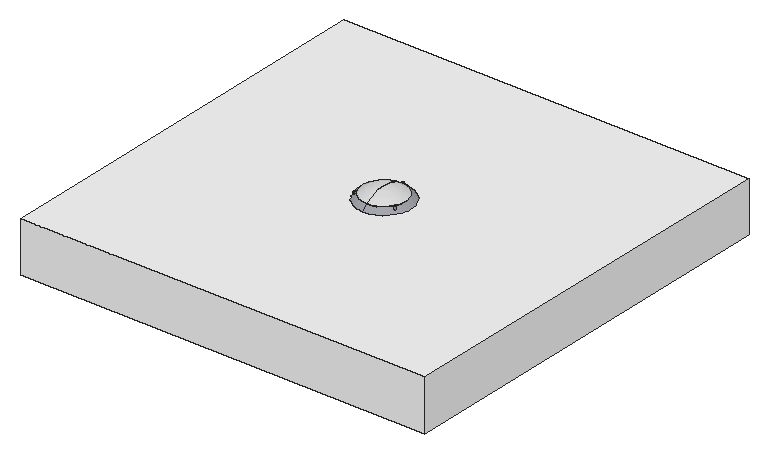
Revit family "Sarlam_Lighting_Bulkhead_Chartres_Essentiel_T1_Vandal_resistant_Diam_322mm_1500Lm", category Luminaires, Revit 2020
Family settings
  Hôte = Face
  Cote de connecteur circulaire = Utiliser le diamètre
  Type d'élément = Normal
  Couper avec des vides une fois chargée = Non
  Source d'éclairage = Oui
  Partagée = Non
  Point de calcul de pièce = Non
Parameters (values of type "ON/OFF GREY METAL")
  Zone plafond formes 1à7 [instance] = and(not(Outer diameter = 328 mm), or([Antivandale Formes 2-4-7]), not([Detection area - Wall]), [Detection area - Ceiling])  # no
  Zone murale formes 1à7 [instance] = and(not(Outer diameter = 328 mm), or([Antivandale Formes 2-4-7]), [Detection area - Wall], not([Detection area - Ceiling]))  # no
  With movement sensor = no
  With light sensor = no
  Width = 322 mm
  Voltage type = "AC"
  Type of dimming = "Not dimmable"
  Type of control gear = "LED operating device current-controlled"
  System power W = 14
  Suitable for wall mounting = yes
  Suitable for suspended mounting = no
  Suitable for surface mounting = yes
  Suitable for ceiling mounting = yes
  Suitable for built-in mounting = no
  Radiation angle = "Open beam"
  Protection Class = "II"
  Outer diameter = 322 mm
  Nominal voltage (Un) V MIN = 207
  Nominal voltage (Un) V MAX = 253
  Nominal current mA MIN = 55
  Nominal current mA MAX = 68
  Material housing = Plastique
  Light sharing = "Symmetric"
  Length = 322 mm
  Lamp type = "LED not exchangeable"
  Lamp power at multiwatt = "14/24W"
  Lamp power W = ""
  Lamp holder = "None"
  Impact strength (IK) = "IK10"
  Height/depth = 70 mm
  General Conditions of Use = "https://export.legrand.com/en/terms-of-use-BIM-objects"
  Effective luminous flux lm = 1500
  Detection area = ""
  URL = "http://www.legrandoc.com/SL532111"
  built-in parameter 1150107 = 3200 (stored number, unit not read)
  Wattage = 9.2903 W
  built-in parameter 1150110 = 1 (stored number, unit not read)
  built-in parameter 1150109 = 1 (stored number, unit not read)
  built-in parameter 1114218 = 1 (stored number, unit not read)
  built-in parameter 1150113 = 1 (stored number, unit not read)
  built-in parameter 1150112 = 1 (stored number, unit not read)
  built-in parameter 1150137 = (empty or 0)
  built-in parameter 1150132 = (empty or 0)
  Modèle = "SL-532111"
  built-in parameter 1150105 = 109.82 (stored number, unit not read)
  built-in parameter 1150102 = (empty or 0)
  Dimming Lamp Color Temperature Shift = (empty or 0)
  Lumens = 1380 lm
  Color Filter = 16777215
  Fichier de distribution photométrique = "SL532106.ies"
  built-in parameter 1114217 = 1 (stored number, unit not read)
  built-in parameter 1150139 = (empty or 0)
  Fabricant = "LEGRAND"
  Emettre à partir du diamètre du cercle = 200 mm
  Emit Shape Visible in Rendering = no
  built-in parameter 1150104 = 13.8 (stored number, unit not read)
  built-in parameter 1150106 = 1.0982 (stored number, unit not read)
  built-in parameter 1150115 = 1 (stored number, unit not read)
  built-in parameter 1150114 = 1 (stored number, unit not read)
  Description = "CHARTRES ESSENTIEL 1500LM 4000K AV ON/OFF SILVER"
  Degree of protection (IP) = "IP55"
  built-in parameter 1150138 = (empty or 0)
  built-in parameter 1150134 = 3
  Colour temperature K MIN = 4000
  Colour temperature K MAX = 4000
  Colour rendering index CRI = "80-89"
  Colour housing = LEGRAND - Grey
  Built-in width = 322 mm
  Built-in length = 0 mm
  Built-in height/depth = 0 mm
  Built-in diameter = 0 mm
  Angle de l'inclinaison = 0.00°
  Detection area - Ceiling [instance] = no
  Detection area - Wall [instance] = no
  Elévation par défaut = 2500 mm
  Antivandale Formes 2-4-7 = yes
  Tag [instance] = no
  built-in parameter 1150133 = 10 (stored number, unit not read)
Types (6, lengths in mm): name | With movement sensor | With light sensor | System power W | Nominal current mA MIN | Nominal current mA MAX | Detection area | URL | Modèle | Description | Colour housing
  ON/OFF WHITE | no | no | 14 | 55 | 68 | "" | "http://www.legrandoc.com/SL532109" | "SL-532109" | "CHARTRES ESSENTIEL 1500LM 4000K AV ON/OFF WHITE" | LEGRAND - White
  ON/OFF ANTHRACITE | no | no | 14 | 55 | 68 | "" | "http://www.legrandoc.com/SL532110" | "SL-532110" | "CHARTRES ESSENTIEL 1500LM 4000K AV ON/OFF BLACK" | LEGRAND - Anthracite
  ON/OFF GREY METAL | no | no | 14 | 55 | 68 | "" | "http://www.legrandoc.com/SL532111" | "SL-532111" | "CHARTRES ESSENTIEL 1500LM 4000K AV ON/OFF SILVER" | LEGRAND - Grey
  With microwave sensor WHITE | yes | yes | 15 | 59 | 73 | "Detection at 2,5m high Ceiling: Ø6m max Wall: Ellipse 16*17m" | "http://www.legrandoc.com/SL532149" | "SL-532149" | "CHARTRES ESSENTIEL 1500LM 4000K  AV DETECTION HF WHITE" | LEGRAND - White
  With microwave sensor ANTHRACITE | yes | yes | 15 | 59 | 73 | "Detection at 2,5m high Ceiling: Ø6m max Wall: Ellipse 16*17m" | "http://www.legrandoc.com/SL532150" | "SL-532150" | "CHARTRES ESSENTIEL 1500LM 4000K  AV DETECTION HF BLACK" | LEGRAND - Anthracite
  With microwave sensor GREY METAL | yes | yes | 15 | 59 | 73 | "Detection at 2,5m high Ceiling: Ø6m max Wall: Ellipse 16*17m" | "http://www.legrandoc.com/SL532151" | "SL-532151" | "CHARTRES ESSENTIEL 1500LM 4000K  AV DETECTION HF SILVER" | LEGRAND - Grey
Reference planes
  plane 1 "Centre (avant/arrière)": y = 0
  plane 2: z = 0
  plane 3 "Centre (gauche/droite)": x = 0
  plane 4: z = 90
Forms (mm)
  Extrusion 1, solid, material "Blanc"
    sketch origin (0, 0, 0) x (1, 0, 0) y (0, 1, 0)
      loop
        line (-1219.2, 1219.2) -> (-1219.2, -1219.2) -> (1219.2, -1219.2) -> (1219.2, 1219.2) -> (-1219.2, 1219.2)
    from 0 to -304.8
Lines and regions (mm)
  model lines, not visible
    curve 1: line (0, 0, 0) -> (0, 0, 2230)
    curve 2: line (0, 0, 0) -> (0, 3300, 0)
    curve 3: line (0, 0, 0) -> (-2620, 0, 0)
Dimensions and locks
  level to plane 4 = 90 mm
  aligned and locked: plane 2 to Extrusion 1
  aligned and locked: level to Extrusion 1
  aligned and locked: imposter light to plane 4
  aligned and locked: plane 3 "Centre (gauche/droite)" to imposter light
Nested families
  nested 1: "Zone de détection murale Chartres-Astreo" at (0, 0, 0) x (0, 0, 1) z (0, -1, 0), visible <- "Detection area - Wall", type "Zone de détection murale"
  nested 2: "Formes 1-2-3-4-6-7-8-9" at (0, 0, 0), type "Formes"
    with Fl 70 mm, Dimension hublot 129.3 mm, Diamètre total 322 mm, Courbure 220.2 mm, Antivandale Formes 2-4-7 yes
  nested 3: "Zone de détection plafond Chartres-Astreo" at (0, 0, 2500), visible <- "Detection area - Ceiling", type "Zone de détection plafond"
    with Zone plafond Formes 8à9 no
  nested 4: "Zone de détection murale Chartres-Astreo" at (0, 0, 0) x (0, 0, 1) z (1, 0, 0), visible <- "Detection area - Wall", type "Zone de détection murale"
  nested 5: "Etiquette de zone" at (-40, 211, 0) x (-1, 0, 0) z (0, 0, 1), visible <- "Tag", type "Etiquette de zone"
Connectors
  electrical at (0, 0, 0)
    settings: on nested 2, index 1, voltage 230 V, apparent load 0 VA, apparent load phase1 0 VA, apparent load phase2 0 VA, apparent load phase3 0 VA, power factor 1, load classification "Eclairage", number of poles 1, system type 30, power factor state 1, is connector primary yes, connector utility no, sub classification motor no, connector description ""
Definition of nested family "Formes 1-2-3-4-6-7-8-9"
  Parameters (values of type "Formes")
    Standard Forme 8 = no
    Standard Formes 1-3-6 = no
    Matériau hublot = none
    Matériau corps = none
    Fl = if(Diamètre total < 325 mm, 70 mm, if(Diamètre total = 328 mm, 107 mm, 90 mm))  # 107 mm
    Default Elevation = 0 mm
    Dimension hublot = if(Diamètre total = 300 mm, 121.1 mm, if(Diamètre total = 322 mm, 129.3 mm, if(Diamètre total = 328 mm, 148.6 mm, if(Diamètre total = 420 mm, 179.2 mm, 185.3 mm))))  # 148.6 mm
    Diamètre total = 328 mm
    Courbure = if(Diamètre total = 300 mm, 195.7 mm, if(Diamètre total = 322 mm, 220.2 mm, if(Diamètre total = 328 mm, 179.2 mm, if(Diamètre total = 420 mm, 290 mm, 307.8 mm))))  # 179.2 mm
    Couleur corps = none
    Antivandale Forme 9 = no
    Antivandale Formes 2-4-7 = no
  Reference planes
    plane 1 "Centre (avant/arrière)": y = 0
    plane 2: z = 0
    plane 3 "Centre (gauche/droite)": x = 0
    plane 4: y = 164
    plane 5: y = -164
    plane 6: y = 148.6
  Forms (mm)
    Revolve 1, solid, material <- "Matériau hublot"
      sketch origin (0, 0, 0) x (0, 0, -1) y (0, 1, 0)
        loop
          arc (-28, 148.6) -> (-86.03, 84.151) -> (-107, 0) r 179.2
          line (-107, 0) -> (-28, 0) -> (-28, 148.6)
        axis (-28, 0) -> (-107, 0)
      angle from 0 to 360
  Dimensions and locks
    equal spacing: plane 4, plane 1 "Centre (avant/arrière)", plane 5
    "Diamètre total": plane 4 to plane 5
    equal spacing: plane 5, plane 1 "Centre (avant/arrière)", plane 4
    "Dimension hublot": plane 1 "Centre (avant/arrière)" to plane 6
    "Fl": Revolve 1 sketch curve to plane 2
    "Courbure": radius of Revolve 1 sketch curve
    aligned and locked: level to plane 2
    aligned and locked: plane 6 to Revolve 1 sketch curve
    aligned and locked: plane 2 to nested 2
  Automatic sketch dimensions
    Revolve 1 sketch curve to plane 1 "Centre (avant/arrière)" = 0 mm  (x2)
    level to Revolve 1 sketch curve = 28 mm
    Revolve 1 sketch curve to Revolve 1 sketch curve = 1811.469 mm
    Revolve 1 sketch curve to Revolve 1 sketch curve = 1147.22 mm
  Nested families
    nested 1: "Corps standard Formes 1-3-6" at (0, 0, 0), visible <- "Standard Formes 1-3-6", type "Corps standard Formes 1-3-6"
      with Diamètre 328 mm
    nested 2: "Corps antivandale Formes 2-4-7" at (0, 0, 0), visible <- "Antivandale Formes 2-4-7", type "Corps antivandale Formes 2-4-7"
      with Diamètre 328 mm
    nested 3: "Corps standard Forme 8" at (0, 0, 0), visible <- "Standard Forme 8", type "Corps standard Forme 8"
    nested 4: "Corps antivandale Forme 9" at (0, 0, 0), visible <- "Antivandale Forme 9", type "Corps antivandale Forme 9"
  Definition of nested family "Corps standard Formes 1-3-6"
    Parameters (values of type "Corps standard")
      Matériau corps = none
      Default Elevation = 0 mm
      Couleur corps = none
      Diamètre = 322 mm
      Courbure = if(Diamètre < 400 mm, 195.7 mm, 290 mm)  # 195.7 mm
    Reference planes
      plane 1 "Centre (avant/arrière)": y = 0
      plane 2: z = 0
      plane 3 "Centre (gauche/droite)": x = 0
      plane 4: y = 161
      plane 5: y = -161
      plane 6: z = 28
    Forms (mm)
      Revolve 1, solid, material <- "Couleur corps"
        sketch origin (0, 0, 0) x (0, 0, -1) y (0, 1, 0)
          loop
            line (0, 0) -> (0, 161)
            arc (0, 161) -> (-14.55, 149.906) -> (-28, 137.502) r 195.7
            line (-28, 137.502) -> (-28, 0) -> (0, 0)
          axis (0, 0) -> (-28, 0)
        angle from 0 to 360
    Dimensions and locks
      equal spacing: plane 4, plane 1 "Centre (avant/arrière)", plane 5
      "Diamètre": plane 4 to plane 5
      equal spacing: plane 5, plane 1 "Centre (avant/arrière)", plane 4
      "Courbure": radius of Revolve 1 sketch curve
      aligned and locked: level to plane 2
      aligned and locked: plane 2 to Revolve 1  (x2)
      aligned and locked: Revolve 1 to plane 2
      aligned and locked: plane 6 to Revolve 1
    Automatic sketch dimensions
      Revolve 1 sketch curve to plane 1 "Centre (avant/arrière)" = 0 mm  (x3)
      Revolve 1 sketch curve to plane 6 = 0 mm
      Revolve 1 sketch curve to level = 0 mm
      Revolve 1 sketch curve to plane 4 = 0 mm
      plane 6 to Revolve 1 sketch curve = 1833.51 mm
      Revolve 1 sketch curve to Revolve 1 sketch curve = 1167.217 mm
  Definition of nested family "Corps antivandale Formes 2-4-7"
    Parameters (values of type "Corps antivandale")
      Rayon réseau vis = if(Diamètre < 400 mm, 137.2 mm, 193.2 mm)  # 137.2 mm
      Matériau corps = none
      Default Elevation = 0 mm
      Diamètre = 322 mm
      Courbure = if(Diamètre < 400 mm, 220.2 mm, 307.8 mm)  # 220.2 mm
      Couleur corps = none
    Reference planes
      plane 1 "Centre (avant/arrière)": y = 0
      plane 2: z = 0
      plane 3 "Centre (gauche/droite)": x = 0
      plane 4: y = 161
      plane 5: y = -161
      plane 6: z = 28
      plane 7: through (0, 0, 1200) normal (0.5, 0.866, 0)
      plane 8: through (0, 0, 1200) normal (0.5, -0.866, 0)
    Forms (mm)
      Revolve 1, solid, material <- "Couleur corps"
        sketch origin (0, 0, 0) x (0, 0, -1) y (0, 1, 0)
          loop
            line (0, 0) -> (0, 161)
            arc (0, 161) -> (-14.762, 145.835) -> (-28, 129.323) r 220.2
            line (-28, 129.323) -> (-28, 0) -> (0, 0)
          axis (0, 0) -> (-28, 0)
        angle from 0 to 360
      Extrusion 2, solid, material <- "Couleur corps"
        sketch origin (0, -0.04, 0) x (1, 0, 0) y (0, 1, 0)
          loop
            line (-4, 129.32) -> (-4, 137.3)
            arc (-4, 137.3) -> (0, 141.3) -> (4, 137.3) r 4
            line (4, 137.3) -> (4, 129.32)
            arc (4, 129.32) -> (5, 129.285) -> (6, 129.243) r 129.323
            line (6, 129.243) -> (6, 137.3)
            arc (6, 137.3) -> (0, 143.3) -> (-6, 137.3) r 6
            line (-6, 137.3) -> (-6, 129.243)
            arc (-6, 129.243) -> (-5, 129.285) -> (-4, 129.32) r 129.323
        from 15.189 to 28
      Extrusion 3, solid, material <- "Couleur corps"
        sketch origin (-0.035, 0.02, 0) x (-0.5, -0.866025, 0) y (0.866025, -0.5, 0)
          loop
            line (-4, 129.32) -> (-4, 137.3)
            arc (-4, 137.3) -> (0, 141.3) -> (4, 137.3) r 4
            line (4, 137.3) -> (4, 129.32)
            arc (4, 129.32) -> (5, 129.285) -> (6, 129.243) r 129.323
            line (6, 129.243) -> (6, 137.3)
            arc (6, 137.3) -> (0, 143.3) -> (-6, 137.3) r 6
            line (-6, 137.3) -> (-6, 129.243)
            arc (-6, 129.243) -> (-5, 129.285) -> (-4, 129.32) r 129.323
        from 15.189 to 28
      Extrusion 4, solid, material <- "Couleur corps"
        sketch origin (0.035, 0.02, 0) x (-0.5, 0.866025, 0) y (-0.866025, -0.5, 0)
          loop
            line (-4, 129.32) -> (-4, 137.3)
            arc (-4, 137.3) -> (0, 141.3) -> (4, 137.3) r 4
            line (4, 137.3) -> (4, 129.32)
            arc (4, 129.32) -> (5, 129.285) -> (6, 129.243) r 129.323
            line (6, 129.243) -> (6, 137.3)
            arc (6, 137.3) -> (0, 143.3) -> (-6, 137.3) r 6
            line (-6, 137.3) -> (-6, 129.243)
            arc (-6, 129.243) -> (-5, 129.285) -> (-4, 129.32) r 129.323
        from 15.189 to 28
      Revolve 5, solid
        sketch origin (0, 0.018, -12.656) x (0, 1, 0) y (0, 0, 1)
          loop
            line (136.525, 38.942) -> (136.525, 29.094) -> (136.962, 29.907) -> (137.751, 35.518) -> (140.148, 38.942) -> (136.525, 38.942)
          axis (136.525, 29.094) -> (136.525, 38.942)
        angle from 0 to 360
      Revolve 6, solid
        sketch origin (0.016, -0.009, -12.656) x (0.866025, -0.5, 0) y (0, 0, 1)
          loop
            line (136.525, 38.942) -> (136.525, 29.094) -> (136.962, 29.907) -> (137.751, 35.518) -> (140.148, 38.942) -> (136.525, 38.942)
          axis (136.525, 29.094) -> (136.525, 38.942)
        angle from 0 to 360
      Revolve 7, solid
        sketch origin (-0.016, -0.009, -12.656) x (-0.866025, -0.5, 0) y (0, 0, 1)
          loop
            line (136.525, 38.942) -> (136.525, 29.094) -> (136.962, 29.907) -> (137.751, 35.518) -> (140.148, 38.942) -> (136.525, 38.942)
          axis (136.525, 29.094) -> (136.525, 38.942)
        angle from 0 to 360
    Cuts and joins
      joined: Revolve 1, Extrusion 2
    Lines and regions (mm)
      model lines
        curve 1: line (-2.5, 136.543, 26.285) -> (2.5, 136.543, 26.285)
        curve 2: line (0, 138.995, 26.285) -> (0, 133.995, 26.285)
        curve 3: line (119.5, -66.107, 26.285) -> (117, -70.437, 26.285)
        curve 4: line (120.373, -69.497, 26.285) -> (116.043, -66.997, 26.285)
        curve 5: line (-117, -70.437, 26.285) -> (-119.5, -66.107, 26.285)
        curve 6: line (-120.373, -69.497, 26.285) -> (-116.043, -66.997, 26.285)
    Dimensions and locks
      equal spacing: plane 4, plane 1 "Centre (avant/arrière)", plane 5
      "Diamètre": plane 4 to plane 5
      equal spacing: plane 5, plane 1 "Centre (avant/arrière)", plane 4
      "Courbure": radius of Revolve 1 sketch curve
      "Rayon réseau vis": radius of radial array
      aligned and locked: level to plane 2
      aligned and locked: plane 2 to Revolve 1  (x2)
      aligned and locked: Revolve 1 to plane 2
      aligned and locked: plane 6 to Revolve 1
    Automatic sketch dimensions
      Extrusion 2 sketch curve to Extrusion 2 sketch curve = 0 mm  (x9)
      Extrusion 2 sketch curve to Extrusion 2 sketch curve = 7.98 mm
      Extrusion 2 sketch curve to Extrusion 2 sketch curve = 0.077 mm
      Extrusion 2 sketch curve to Extrusion 2 sketch curve = 2 mm
      Extrusion 2 sketch curve to Extrusion 2 sketch curve = 4 mm
      Extrusion 2 sketch curve to Extrusion 2 sketch curve = 6 mm
      Extrusion 3 sketch curve to Extrusion 3 sketch curve = 0 mm  (x9)
      Extrusion 3 sketch curve to Extrusion 3 sketch curve = 7.98 mm
      Extrusion 3 sketch curve to Extrusion 3 sketch curve = 0.077 mm
      Extrusion 3 sketch curve to Extrusion 3 sketch curve = 2 mm
      Extrusion 3 sketch curve to Extrusion 3 sketch curve = 4 mm
      Extrusion 3 sketch curve to Extrusion 3 sketch curve = 6 mm
      Extrusion 4 sketch curve to Extrusion 4 sketch curve = 0 mm  (x9)
      Extrusion 4 sketch curve to Extrusion 4 sketch curve = 7.98 mm
      Extrusion 4 sketch curve to Extrusion 4 sketch curve = 0.077 mm
      Extrusion 4 sketch curve to Extrusion 4 sketch curve = 2 mm
      Extrusion 4 sketch curve to Extrusion 4 sketch curve = 4 mm
      Extrusion 4 sketch curve to Extrusion 4 sketch curve = 6 mm
      Revolve 7 sketch curve to Revolve 7 sketch curve = 0.437 mm  (x2)
      Revolve 7 sketch curve to Revolve 7 sketch curve = 1.226 mm  (x2)
      Revolve 7 sketch curve to Revolve 7 sketch curve = 2.397 mm
      Revolve 7 sketch curve to Revolve 7 sketch curve = 0.813 mm  (x2)
      Revolve 7 sketch curve to Revolve 7 sketch curve = 5.611 mm  (x2)
      Revolve 7 sketch curve to Revolve 7 sketch curve = 3.424 mm  (x2)
      Revolve 7 sketch curve to Revolve 7 sketch curve = 0 mm  (x2)
      Revolve 7 sketch curve to Revolve 7 sketch curve = 0.975 mm
      Revolve 7 sketch curve to Revolve 7 sketch curve = 3.281 mm  (x2)
      Revolve 5 sketch curve to Revolve 5 sketch curve = 0.437 mm  (x2)
      Revolve 5 sketch curve to Revolve 5 sketch curve = 1.226 mm  (x2)
      Revolve 5 sketch curve to Revolve 5 sketch curve = 3.623 mm
      Revolve 5 sketch curve to Revolve 5 sketch curve = 5.611 mm  (x2)
      Revolve 5 sketch curve to Revolve 5 sketch curve = 3.424 mm  (x2)
      Revolve 5 sketch curve to Revolve 5 sketch curve = 0 mm  (x2)
      Revolve 5 sketch curve to Revolve 5 sketch curve = 0.813 mm  (x2)
      Revolve 5 sketch curve to Revolve 5 sketch curve = 0.162 mm
      Revolve 5 sketch curve to Revolve 5 sketch curve = 3.281 mm  (x2)
      Revolve 6 sketch curve to Revolve 6 sketch curve = 0.437 mm  (x2)
      Revolve 6 sketch curve to Revolve 6 sketch curve = 1.226 mm  (x2)
      Revolve 6 sketch curve to Revolve 6 sketch curve = 3.623 mm
      Revolve 6 sketch curve to Revolve 6 sketch curve = 5.611 mm  (x2)
      Revolve 6 sketch curve to Revolve 6 sketch curve = 3.424 mm  (x2)
      Revolve 6 sketch curve to Revolve 6 sketch curve = 0 mm  (x2)
      Revolve 6 sketch curve to Revolve 6 sketch curve = 0.813 mm  (x2)
      Revolve 6 sketch curve to Revolve 6 sketch curve = 0.162 mm
      Revolve 6 sketch curve to Revolve 6 sketch curve = 3.281 mm  (x2)
      Revolve 7 sketch curve to Revolve 7 sketch curve = 3.623 mm
      Revolve 7 sketch curve to Revolve 7 sketch curve = 0.162 mm
      curve 2 to Revolve 5 = 0 mm
      curve 2 to curve 1 = 2.548 mm
      curve 1 to curve 2 = 2.452 mm
      Revolve 5 to curve 1 = 2.5 mm
      curve 1 to Revolve 5 = 2.5 mm
      curve 4 to Revolve 6 = 0 mm
      curve 4 to curve 3 = 2.548 mm
      curve 3 to curve 4 = 2.452 mm
      Revolve 6 to curve 3 = 2.5 mm
      curve 3 to Revolve 6 = 2.5 mm
      curve 6 to Revolve 7 = 0 mm
      curve 6 to curve 5 = 2.548 mm
      curve 5 to curve 6 = 2.452 mm
      Revolve 7 to curve 5 = 2.5 mm
      curve 5 to Revolve 7 = 2.5 mm
      Revolve 5 sketch curve to Revolve 5 sketch curve = 2.397 mm
      Revolve 5 sketch curve to Revolve 5 sketch curve = 0.975 mm
      Revolve 6 sketch curve to Revolve 6 sketch curve = 2.397 mm
      Revolve 6 sketch curve to Revolve 6 sketch curve = 0.975 mm
      Revolve 1 sketch curve to plane 1 "Centre (avant/arrière)" = 0 mm  (x3)
      Revolve 1 sketch curve to plane 6 = 0 mm
      Revolve 1 sketch curve to level = 0 mm
      Revolve 1 sketch curve to plane 4 = 0 mm
      plane 6 to Revolve 1 sketch curve = 1833.51 mm
      Revolve 1 sketch curve to Revolve 1 sketch curve = 1128.321 mm
  Definition of nested family "Corps standard Forme 8"
    Parameters (values of type "Corps standard Forme 8")
      Matériau corps = none
      Default Elevation = 0 mm
      Couleur corps = none
      Diamètre = 328 mm
    Reference planes
      plane 1 "Centre (avant/arrière)": y = 0
      plane 2: z = 0
      plane 3 "Centre (gauche/droite)": x = 0
      plane 4: y = 164
      plane 5: y = -164
      plane 6: z = 28
      plane 7: y = 7.5
      plane 8: y = -7.5
    Forms (mm)
      Revolve 1, solid, material <- "Couleur corps"
        sketch origin (0, 0, 0) x (0, 0, -1) y (0, 1, 0)
          loop
            line (0, 0) -> (0, 164)
            arc (0, 164) -> (-14.345, 156.905) -> (-28, 148.559) r 179.182
            line (-28, 148.559) -> (-28, 0) -> (0, 0)
          axis (0, 0) -> (-28, 0)
        angle from 0 to 360
      Sweep 2, void
        path origin (0, 0, 0) x (1, 0, 0) y (0, 1, 0)
          loop
            arc (153.049, 7.5) -> (0, 153.232) -> (-153.049, 7.5) r 153.232
        profile origin (0, 153.232, 0) x (0, -1, 0) y (0, 0, 1)
          loop
            line (-5.469, 6.213) -> (-10.469, 16.465) -> (-10.469, 6.213) -> (-5.469, 6.213)
      Sweep 3, void
        path origin (0, 0, 0) x (1, 0, 0) y (0, 1, 0)
          loop
            arc (153.049, 7.5) -> (0, 153.232) -> (-153.049, 7.5) r 153.232
        profile origin (0, 153.232, 0) x (0, -1, 0) y (0, 0, 1)
          loop
            line (-1.643, 13.471) -> (-6.643, 23.723) -> (-6.643, 13.471) -> (-1.643, 13.471)
      Sweep 4, void
        path origin (0, 0, 0) x (1, 0, 0) y (0, -1, 0)
          loop
            arc (153.049, 7.5) -> (0, 153.232) -> (-153.049, 7.5) r 153.232
        profile origin (0, -153.232, 0) x (0, -1, 0) y (0, 0, 1)
          loop
            line (1.643, 13.471) -> (6.643, 13.471) -> (6.643, 23.723) -> (1.643, 13.471)
      Sweep 5, void
        path origin (0, 0, 0) x (1, 0, 0) y (0, -1, 0)
          loop
            arc (153.049, 7.5) -> (0, 153.232) -> (-153.049, 7.5) r 153.232
        profile origin (0, -153.232, 0) x (0, -1, 0) y (0, 0, 1)
          loop
            line (5.469, 6.213) -> (10.469, 6.213) -> (10.469, 16.465) -> (5.469, 6.213)
    Cuts and joins
      Sweep 2, Sweep 3, Sweep 4, Sweep 5 cuts Revolve 1
    Dimensions and locks
      equal spacing: plane 4, plane 1 "Centre (avant/arrière)", plane 5
      "Diamètre": plane 4 to plane 5
      equal spacing: plane 5, plane 1 "Centre (avant/arrière)", plane 4
      aligned and locked: level to plane 2
      aligned and locked: plane 2 to Revolve 1  (x2)
      aligned and locked: Revolve 1 to plane 2
      aligned and locked: plane 6 to Revolve 1
    Automatic sketch dimensions
      Sweep 2 sketch curve to plane 7 = 0 mm  (x2)
      plane 1 "Centre (avant/arrière)" to Sweep 2 sketch curve = 0 mm
      Sweep 2 sketch curve to plane 3 "Centre (gauche/droite)" = 0 mm
      Sweep 2 sketch curve to plane 3 "Centre (gauche/droite)" = 153.049 mm
      Sweep 3 sketch curve to plane 7 = 0 mm  (x2)
      plane 1 "Centre (avant/arrière)" to Sweep 3 sketch curve = 0 mm
      Sweep 3 sketch curve to plane 3 "Centre (gauche/droite)" = 0 mm
      Sweep 3 sketch curve to plane 3 "Centre (gauche/droite)" = 153.049 mm
      Sweep 4 sketch curve to plane 8 = 0 mm  (x2)
      plane 1 "Centre (avant/arrière)" to Sweep 4 sketch curve = 0 mm
      Sweep 4 sketch curve to plane 3 "Centre (gauche/droite)" = 0 mm
      plane 3 "Centre (gauche/droite)" to Sweep 4 sketch curve = 153.049 mm
      Sweep 5 sketch curve to plane 8 = 0 mm  (x2)
      plane 1 "Centre (avant/arrière)" to Sweep 5 sketch curve = 0 mm
      Sweep 5 sketch curve to plane 3 "Centre (gauche/droite)" = 0 mm
      plane 3 "Centre (gauche/droite)" to Sweep 5 sketch curve = 153.049 mm
      Revolve 1 sketch curve to plane 1 "Centre (avant/arrière)" = 0 mm  (x3)
      Revolve 1 sketch curve to plane 6 = 0 mm
      Revolve 1 sketch curve to level = 0 mm
      Revolve 1 sketch curve to plane 4 = 0 mm
      Revolve 1 sketch curve to Revolve 1 sketch curve = 72.182 mm
      plane 6 to Revolve 1 sketch curve = 1833.51 mm
      Revolve 1 sketch curve to Revolve 1 sketch curve = 1201.817 mm
      profile plane to Sweep 2 sketch curve = 10.469 mm
      Sweep 2 sketch curve to Sweep 2 sketch curve = 5 mm
      level to Sweep 2 sketch curve = 6.213 mm
      Sweep 2 sketch curve to Sweep 2 sketch curve = 10.252 mm
      profile plane to Sweep 3 sketch curve = 6.643 mm
      profile plane to Sweep 3 sketch curve = 1.643 mm
      level to Sweep 3 sketch curve = 13.471 mm
      Sweep 3 sketch curve to Sweep 3 sketch curve = 10.252 mm
      Sweep 4 sketch curve to profile plane = 1.643 mm
      Sweep 4 sketch curve to profile plane = 6.643 mm
      level to Sweep 4 sketch curve = 13.471 mm
      Sweep 4 sketch curve to Sweep 4 sketch curve = 10.252 mm
      Sweep 5 sketch curve to profile plane = 5.469 mm
      Sweep 5 sketch curve to profile plane = 10.469 mm
      level to Sweep 5 sketch curve = 6.213 mm
      Sweep 5 sketch curve to Sweep 5 sketch curve = 10.252 mm
  Definition of nested family "Corps antivandale Forme 9"
    Parameters (values of type "Corps antivandale Forme 9")
      Matériau corps = none
      Default Elevation = 0 mm
      Couleur corps = none
      Diamètre = 328 mm
    Reference planes
      plane 1 "Centre (avant/arrière)": y = 0
      plane 2: z = 0
      plane 3 "Centre (gauche/droite)": x = 0
      plane 4: y = 164
      plane 5: y = -164
      plane 6: z = 28
      plane 7: y = 7.5
      plane 8: y = -7.5
    Forms (mm)
      Revolve 1, solid, material <- "Couleur corps"
        sketch origin (0, 0, 0) x (0, 0, -1) y (0, 1, 0)
          loop
            line (0, 0) -> (0, 164)
            arc (0, 164) -> (-14.345, 156.905) -> (-28, 148.559) r 179.182
            line (-28, 148.559) -> (-28, 0) -> (0, 0)
          axis (0, 0) -> (-28, 0)
        angle from 0 to 360
      Extrusion 2, void
        sketch origin (-1.406, 0, 0) x (1, 0, 0) y (0, 1, 0)
          loop
            circle (157.486, 0) r 5
        from 5.665 to 28
      Sweep 3, void
        path origin (0, 0, 0) x (1, 0, 0) y (0, 1, 0)
          loop
            arc (153.049, 7.5) -> (0, 153.232) -> (-153.049, 7.5) r 153.232
        profile origin (0, 153.232, 0) x (0, -1, 0) y (0, 0, 1)
          loop
            line (-5.469, 6.213) -> (-10.469, 16.465) -> (-10.469, 6.213) -> (-5.469, 6.213)
      Extrusion 4, void
        sketch origin (1.406, 0, 0) x (-1, 0, 0) y (0, -1, 0)
          loop
            circle (157.486, 0) r 5
        from 5.665 to 28
      Sweep 5, void
        path origin (0, 0, 0) x (1, 0, 0) y (0, 1, 0)
          loop
            arc (153.049, 7.5) -> (0, 153.232) -> (-153.049, 7.5) r 153.232
        profile origin (0, 153.232, 0) x (0, -1, 0) y (0, 0, 1)
          loop
            line (-1.643, 13.471) -> (-6.643, 23.723) -> (-6.643, 13.471) -> (-1.643, 13.471)
      Sweep 6, void
        path origin (0, 0, 0) x (1, 0, 0) y (0, -1, 0)
          loop
            arc (153.049, 7.5) -> (0, 153.232) -> (-153.049, 7.5) r 153.232
        profile origin (0, -153.232, 0) x (0, -1, 0) y (0, 0, 1)
          loop
            line (1.643, 13.471) -> (6.643, 13.471) -> (6.643, 23.723) -> (1.643, 13.471)
      Sweep 7, void
        path origin (0, 0, 0) x (1, 0, 0) y (0, -1, 0)
          loop
            arc (153.049, 7.5) -> (0, 153.232) -> (-153.049, 7.5) r 153.232
        profile origin (0, -153.232, 0) x (0, -1, 0) y (0, 0, 1)
          loop
            line (5.469, 6.213) -> (10.469, 6.213) -> (10.469, 16.465) -> (5.469, 6.213)
      Revolve 8, solid
        sketch origin (-156.149, -136.533, -30.469) x (0, 1, 0) y (0, 0, 1)
          loop
            line (136.525, 38.942) -> (136.525, 31.651) -> (137.319, 32.445) -> (137.923, 36.741) -> (139.106, 38.942) -> (136.525, 38.942)
          axis (136.525, 31.651) -> (136.525, 38.942)
        angle from 0 to 360
      Revolve 9, solid
        sketch origin (156.149, -136.533, -30.469) x (0, 1, 0) y (0, 0, -1)
          loop
            line (136.525, -38.942) -> (139.106, -38.942) -> (137.923, -36.741) -> (137.319, -32.445) -> (136.525, -31.651) -> (136.525, -38.942)
          axis (136.525, -31.651) -> (136.525, -38.942)
        angle from 0 to 360
    Cuts and joins
      Extrusion 2, Sweep 3, Extrusion 4, Sweep 5, Sweep 6, Sweep 7 cuts Revolve 1
    Lines and regions (mm)
      model lines
        curve 1: line (-156.149, 1.39, 8.473) -> (-156.149, -1.406, 8.473)
        curve 2: line (-157.503, 0, 8.473) -> (-154.615, 0, 8.473)
        curve 3: line (156.149, 1.39, 8.473) -> (156.149, -1.406, 8.473)
        curve 4: line (157.503, 0, 8.473) -> (154.615, 0, 8.473)
    Dimensions and locks
      equal spacing: plane 4, plane 1 "Centre (avant/arrière)", plane 5
      "Diamètre": plane 4 to plane 5
      equal spacing: plane 5, plane 1 "Centre (avant/arrière)", plane 4
      aligned and locked: level to plane 2
      aligned and locked: plane 2 to Revolve 1  (x2)
      aligned and locked: Revolve 1 to plane 2
      aligned and locked: plane 6 to Revolve 1
    Automatic sketch dimensions
      plane 1 "Centre (avant/arrière)" to Extrusion 2 sketch curve = 0 mm
      plane 3 "Centre (gauche/droite)" to Extrusion 2 sketch curve = 156.08 mm
      Sweep 3 sketch curve to plane 7 = 0 mm  (x2)
      plane 1 "Centre (avant/arrière)" to Sweep 3 sketch curve = 0 mm
      Sweep 3 sketch curve to plane 3 "Centre (gauche/droite)" = 0 mm
      Sweep 3 sketch curve to plane 3 "Centre (gauche/droite)" = 153.049 mm
      plane 1 "Centre (avant/arrière)" to Extrusion 4 sketch curve = 0 mm
      plane 3 "Centre (gauche/droite)" to Extrusion 4 sketch curve = 156.08 mm
      Sweep 5 sketch curve to plane 7 = 0 mm  (x2)
      plane 1 "Centre (avant/arrière)" to Sweep 5 sketch curve = 0 mm
      Sweep 5 sketch curve to plane 3 "Centre (gauche/droite)" = 0 mm
      Sweep 5 sketch curve to plane 3 "Centre (gauche/droite)" = 153.049 mm
      Sweep 6 sketch curve to plane 8 = 0 mm  (x2)
      plane 1 "Centre (avant/arrière)" to Sweep 6 sketch curve = 0 mm
      Sweep 6 sketch curve to plane 3 "Centre (gauche/droite)" = 0 mm
      plane 3 "Centre (gauche/droite)" to Sweep 6 sketch curve = 153.049 mm
      Sweep 7 sketch curve to plane 8 = 0 mm  (x2)
      plane 1 "Centre (avant/arrière)" to Sweep 7 sketch curve = 0 mm
      Sweep 7 sketch curve to plane 3 "Centre (gauche/droite)" = 0 mm
      plane 3 "Centre (gauche/droite)" to Sweep 7 sketch curve = 153.049 mm
      Revolve 1 sketch curve to plane 1 "Centre (avant/arrière)" = 0 mm  (x3)
      Revolve 1 sketch curve to plane 6 = 0 mm
      Revolve 1 sketch curve to level = 0 mm
      Revolve 1 sketch curve to plane 4 = 0 mm
      Revolve 1 sketch curve to Revolve 1 sketch curve = 72.182 mm
      plane 6 to Revolve 1 sketch curve = 1833.51 mm
      Revolve 1 sketch curve to Revolve 1 sketch curve = 1201.817 mm
      profile plane to Sweep 3 sketch curve = 10.469 mm
      Sweep 3 sketch curve to Sweep 3 sketch curve = 5 mm
      level to Sweep 3 sketch curve = 6.213 mm
      Sweep 3 sketch curve to Sweep 3 sketch curve = 10.252 mm
      profile plane to Sweep 5 sketch curve = 6.643 mm
      profile plane to Sweep 5 sketch curve = 1.643 mm
      level to Sweep 5 sketch curve = 13.471 mm
      Sweep 5 sketch curve to Sweep 5 sketch curve = 10.252 mm
      Sweep 6 sketch curve to profile plane = 1.643 mm
      Sweep 6 sketch curve to profile plane = 6.643 mm
      level to Sweep 6 sketch curve = 13.471 mm
      Sweep 6 sketch curve to Sweep 6 sketch curve = 10.252 mm
      Sweep 7 sketch curve to profile plane = 5.469 mm
      Sweep 7 sketch curve to profile plane = 10.469 mm
      level to Sweep 7 sketch curve = 6.213 mm
      Sweep 7 sketch curve to Sweep 7 sketch curve = 10.252 mm
      plane 1 "Centre (avant/arrière)" to Revolve 8 sketch curve = 0.008 mm  (x2)
      Revolve 8 sketch curve to plane 1 "Centre (avant/arrière)" = 0.786 mm
      Revolve 8 sketch curve to plane 1 "Centre (avant/arrière)" = 1.39 mm
      Revolve 8 sketch curve to Revolve 8 sketch curve = 1.183 mm
      level to Revolve 8 sketch curve = 1.183 mm
      Revolve 8 sketch curve to Revolve 8 sketch curve = 0.794 mm
      Revolve 8 sketch curve to Revolve 8 sketch curve = 4.296 mm
      Revolve 8 sketch curve to Revolve 8 sketch curve = 2.201 mm
      Revolve 8 sketch curve to level = 0.4 mm
      Revolve 8 sketch curve to Revolve 8 sketch curve = 3.281 mm
      plane 1 "Centre (avant/arrière)" to Revolve 9 sketch curve = 0.008 mm  (x2)
      Revolve 9 sketch curve to plane 1 "Centre (avant/arrière)" = 0.786 mm
      Revolve 9 sketch curve to plane 1 "Centre (avant/arrière)" = 1.39 mm
      Revolve 9 sketch curve to Revolve 9 sketch curve = 1.183 mm
      level to Revolve 9 sketch curve = 8.473 mm
      Revolve 9 sketch curve to Revolve 9 sketch curve = 2.201 mm
      level to Revolve 9 sketch curve = 1.977 mm
      Revolve 9 sketch curve to Revolve 9 sketch curve = 0.794 mm
      Revolve 9 sketch curve to Revolve 9 sketch curve = 3.281 mm
      Revolve 9 sketch curve to level = 0.4 mm
      curve 1 to Revolve 8 = 0 mm
      curve 1 to curve 3 = 0 mm
      curve 1 to curve 2 = 1.406 mm
      curve 3 to curve 4 = 1.406 mm
      curve 4 to curve 3 = 1.39 mm
      curve 2 to curve 1 = 1.39 mm
      Revolve 8 to curve 2 = 1.534 mm
      curve 4 to curve 2 = 309.23 mm
      curve 3 to curve 4 = 1.534 mm
      curve 4 to curve 3 = 1.354 mm
      curve 2 to Revolve 8 = 1.354 mm
      radius of Extrusion 2 sketch curve = 5 mm
      radius of Extrusion 4 sketch curve = 5 mm
Definition of nested family "Zone de détection murale Chartres-Astreo"
  Parameters (values of type "Zone de détection murale")
    Zone murale Formes 8à9 = no
    Zone murale Formes 1à7 = no
  Reference planes
    plane 1 "Centre (avant/arrière)": y = 0
    plane 2: z = 0
    plane 3 "Centre (gauche/droite)": x = 0
    plane 4: x = 3500
    plane 5: y = 1000
    plane 6: x = 10000
    plane 7: y = 3500
    plane 8: x = 13000
    plane 9: y = 4000
    plane 10: x = 17000
    plane 11: y = 8000
    plane 12: x = 6000
    plane 13: x = 8000
  Lines and regions (mm)
    detail lines, in view "Niveau de réf.", visible <- "Zone murale Formes 1à7"
      curve 1: spline (0, 0, 0) -> (59.63, 258.819, 0) -> (234.456, 500, 0) -> (512.563, 707.107, 0) -> (875, 866.025, 0) -> (1297.067, 965.926, 0) -> (1750, 1000, 0) -> (2202.933, 965.926, 0) -> (2625, 866.025, 0) -> (2987.437, 707.107, 0) -> (3265.544, 500, 0) -> (3440.37, 258.819, 0) -> (3500, 0, 0) -> (3440.37, -258.819, 0) -> (3265.544, -500, 0) -> (2987.437, -707.107, 0) -> (2625, -866.025, 0) -> (2202.933, -965.926, 0) -> (1750, -1000, 0) -> (1297.067, -965.926, 0) -> (875, -866.025, 0) -> (512.563, -707.107, 0) -> (234.456, -500, 0) -> (59.63, -258.819, 0) -> (0, 0, 0)
      curve 2: spline (0, 0, 0) -> (170.371, 905.867, 0) -> (669.873, 1750, 0) -> (1464.466, 2474.874, 0) -> (2500, 3031.089, 0) -> (3705.905, 3380.74, 0) -> (5000, 3500, 0) -> (6294.095, 3380.74, 0) -> (7500, 3031.089, 0) -> (8535.534, 2474.874, 0) -> (9330.127, 1750, 0) -> (9829.629, 905.867, 0) -> (10000, 0, 0) -> (9829.629, -905.867, 0) -> (9330.127, -1750, 0) -> (8535.534, -2474.874, 0) -> (7500, -3031.089, 0) -> (6294.095, -3380.74, 0) -> (5000, -3500, 0) -> (3705.905, -3380.74, 0) -> (2500, -3031.089, 0) -> (1464.466, -2474.874, 0) -> (669.873, -1750, 0) -> (170.371, -905.867, 0) -> (0, 0, 0)
      curve 3: spline (0, 0, 0) -> (221.482, 1035.276, 0) -> (870.835, 2000, 0) -> (1903.806, 2828.427, 0) -> (3250, 3464.102, 0) -> (4817.676, 3863.703, 0) -> (6500, 4000, 0) -> (8182.324, 3863.703, 0) -> (9750, 3464.102, 0) -> (11096.194, 2828.427, 0) -> (12129.165, 2000, 0) -> (12778.518, 1035.276, 0) -> (13000, 0, 0) -> (12778.518, -1035.276, 0) -> (12129.165, -2000, 0) -> (11096.194, -2828.427, 0) -> (9750, -3464.102, 0) -> (8182.324, -3863.703, 0) -> (6500, -4000, 0) -> (4817.676, -3863.703, 0) -> (3250, -3464.102, 0) -> (1903.806, -2828.427, 0) -> (870.835, -2000, 0) -> (221.482, -1035.276, 0) -> (0, 0, 0)
      curve 4: spline (0, 0, 0) -> (289.63, 2070.552, 0) -> (1138.784, 4000, 0) -> (2489.592, 5656.854, 0) -> (4250, 6928.203, 0) -> (6300.038, 7727.407, 0) -> (8500, 8000, 0) -> (10699.962, 7727.407, 0) -> (12750, 6928.203, 0) -> (14510.408, 5656.854, 0) -> (15861.216, 4000, 0) -> (16710.37, 2070.552, 0) -> (17000, 0, 0) -> (16710.37, -2070.552, 0) -> (15861.216, -4000, 0) -> (14510.408, -5656.854, 0) -> (12750, -6928.203, 0) -> (10699.962, -7727.407, 0) -> (8500, -8000, 0) -> (6300.038, -7727.407, 0) -> (4250, -6928.203, 0) -> (2489.592, -5656.854, 0) -> (1138.784, -4000, 0) -> (289.63, -2070.552, 0) -> (0, 0, 0)
    detail lines, in view "Niveau de réf.", visible <- "Zone murale Formes 8à9"
      curve 5: spline (0, 0, 0) -> (102.223, 258.819, 0) -> (401.924, 500, 0) -> (878.68, 707.107, 0) -> (1500, 866.025, 0) -> (2223.543, 965.926, 0) -> (3000, 1000, 0) -> (3776.457, 965.926, 0) -> (4500, 866.025, 0) -> (5121.32, 707.107, 0) -> (5598.076, 500, 0) -> (5897.777, 258.819, 0) -> (6000, 0, 0) -> (5897.777, -258.819, 0) -> (5598.076, -500, 0) -> (5121.32, -707.107, 0) -> (4500, -866.025, 0) -> (3776.457, -965.926, 0) -> (3000, -1000, 0) -> (2223.543, -965.926, 0) -> (1500, -866.025, 0) -> (878.68, -707.107, 0) -> (401.924, -500, 0) -> (102.223, -258.819, 0) -> (0, 0, 0)
      curve 6: spline (0, 0, 0) -> (136.297, 647.048, 0) -> (535.898, 1250, 0) -> (1171.573, 1767.767, 0) -> (2000, 2165.064, 0) -> (2964.724, 2414.815, 0) -> (4000, 2500, 0) -> (5035.276, 2414.815, 0) -> (6000, 2165.064, 0) -> (6828.427, 1767.767, 0) -> (7464.102, 1250, 0) -> (7863.703, 647.048, 0) -> (8000, 0, 0) -> (7863.703, -647.048, 0) -> (7464.102, -1250, 0) -> (6828.427, -1767.767, 0) -> (6000, -2165.064, 0) -> (5035.276, -2414.815, 0) -> (4000, -2500, 0) -> (2964.724, -2414.815, 0) -> (2000, -2165.064, 0) -> (1171.573, -1767.767, 0) -> (535.898, -1250, 0) -> (136.297, -647.048, 0) -> (0, 0, 0)
      curve 7: spline (0, 0, 0) -> (170.371, 1035.276, 0) -> (669.873, 2000, 0) -> (1464.466, 2828.427, 0) -> (2500, 3464.102, 0) -> (3705.905, 3863.703, 0) -> (5000, 4000, 0) -> (6294.095, 3863.703, 0) -> (7500, 3464.102, 0) -> (8535.534, 2828.427, 0) -> (9330.127, 2000, 0) -> (9829.629, 1035.276, 0) -> (10000, 0, 0) -> (9829.629, -1035.276, 0) -> (9330.127, -2000, 0) -> (8535.534, -2828.427, 0) -> (7500, -3464.102, 0) -> (6294.095, -3863.703, 0) -> (5000, -4000, 0) -> (3705.905, -3863.703, 0) -> (2500, -3464.102, 0) -> (1464.466, -2828.427, 0) -> (669.873, -2000, 0) -> (170.371, -1035.276, 0) -> (0, 0, 0)
  Dimensions and locks
    plane 3 "Centre (gauche/droite)" to plane 4 = 3500 mm
    plane 1 "Centre (avant/arrière)" to plane 5 = 1000 mm
    plane 3 "Centre (gauche/droite)" to plane 6 = 10000 mm
    plane 7 to plane 1 "Centre (avant/arrière)" = 3500 mm
    plane 3 "Centre (gauche/droite)" to plane 8 = 13000 mm
    plane 1 "Centre (avant/arrière)" to plane 9 = 4000 mm
    plane 3 "Centre (gauche/droite)" to plane 10 = 17000 mm
    plane 1 "Centre (avant/arrière)" to plane 11 = 8000 mm
    plane 3 "Centre (gauche/droite)" to plane 12 = 6000 mm
    plane 3 "Centre (gauche/droite)" to plane 13 = 8000 mm
Definition of nested family "Zone de détection plafond Chartres-Astreo"
  Parameters (values of type "Zone de détection plafond")
    Zone plafond Formes 8à9 = yes
    Zone plafond Formes 1à7 = no
  Reference planes
    plane 1 "Centre (avant/arrière)": y = 0
    plane 2: z = 0
    plane 3 "Centre (gauche/droite)": x = 0
  Lines and regions (mm)
    detail lines, in view "Niveau de réf.", visible <- "Zone plafond Formes 1à7"
      curve 1: circle (0, 0, 0) r 500 normal (0, 0, 1)
      curve 2: circle (0, 0, 0) r 1000 normal (0, 0, 1)
      curve 3: circle (0, 0, 0) r 2000 normal (0, 0, 1)
      curve 4: circle (0, 0, 0) r 3000 normal (0, 0, 1)
    detail lines, in view "Niveau de réf.", visible <- "Zone plafond Formes 8à9"
      curve 5: circle (0, 0, 0) r 1500 normal (0, 0, 1)
      curve 6: circle (0, 0, 0) r 4000 normal (0, 0, 1)
      curve 7: circle (0, 0, 0) r 6000 normal (0, 0, 1)
Definition of nested family "Etiquette de zone"
  Parameters (values of type "Etiquette de zone")
    Etiquette de zone = ""
  Reference planes
    plane 1: y = 0
    plane 2: x = 0
  Text (mm)
    label "Etiquette de zone" at (0.013, -4.46, 0), shows "Etiquette de zone"
